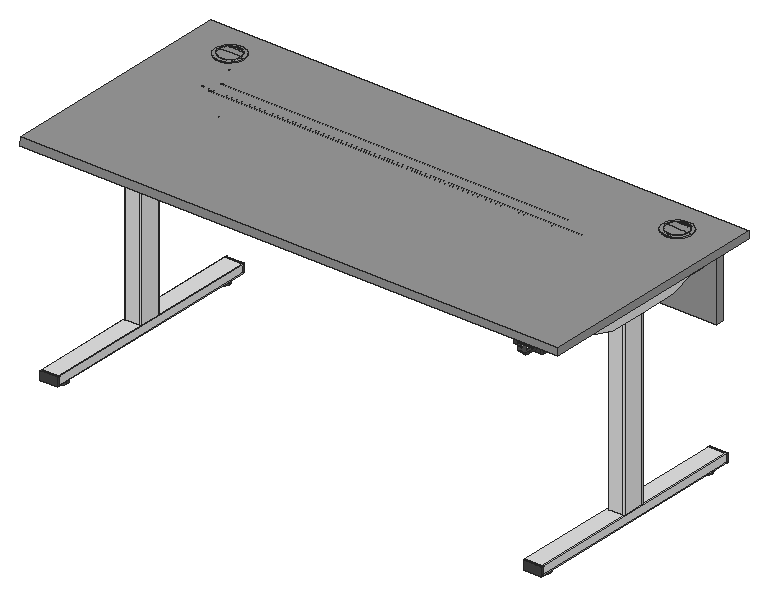
Revit family "Rise LT Rectangular Desk with Cable Ports", category Furniture, Revit 2016 (continued)
Definition of nested family "Cable Tray"
  Lines and regions (mm)
    sketch lines
      curve 168: arc (-400, 330.808, 613.5) -> (-400, 332.571, 614.073) -> (-400, 333.661, 615.573) r 3
      curve 176: line (-500, 330.808, 613.5) -> (-500, 247.192, 613.5)
      curve 177: arc (-500, 247.192, 613.5) -> (-500, 245.429, 614.073) -> (-500, 244.339, 615.573) r 3
      curve 178: line (-500, 244.339, 615.573) -> (-500, 236.24, 640.5)
      curve 179: line (-500, 333.661, 615.573) -> (-500, 341.76, 640.5)
      curve 180: arc (-500, 330.808, 613.5) -> (-500, 332.571, 614.073) -> (-500, 333.661, 615.573) r 3
      curve 188: line (-600, 330.808, 613.5) -> (-600, 247.192, 613.5)
      curve 189: arc (-600, 247.192, 613.5) -> (-600, 245.429, 614.073) -> (-600, 244.339, 615.573) r 3
      curve 190: line (-600, 244.339, 615.573) -> (-600, 236.24, 640.5)
      curve 191: line (-600, 333.661, 615.573) -> (-600, 341.76, 640.5)
      curve 192: arc (-600, 330.808, 613.5) -> (-600, 332.571, 614.073) -> (-600, 333.661, 615.573) r 3
      curve 200: line (-700, 330.808, 613.5) -> (-700, 247.192, 613.5)
      curve 201: arc (-700, 247.192, 613.5) -> (-700, 245.429, 614.073) -> (-700, 244.339, 615.573) r 3
      curve 202: line (-700, 244.339, 615.573) -> (-700, 236.24, 640.5)
      curve 203: line (-700, 333.661, 615.573) -> (-700, 341.76, 640.5)
      curve 204: arc (-700, 330.808, 613.5) -> (-700, 332.571, 614.073) -> (-700, 333.661, 615.573) r 3
      curve 212: line (-200, 330.808, 613.5) -> (-200, 247.192, 613.5)
      curve 213: arc (-200, 247.192, 613.5) -> (-200, 245.429, 614.073) -> (-200, 244.339, 615.573) r 3
      curve 214: line (-200, 244.339, 615.573) -> (-200, 236.24, 640.5)
      curve 215: line (-200, 333.661, 615.573) -> (-200, 341.76, 640.5)
      curve 216: arc (-200, 330.808, 613.5) -> (-200, 332.571, 614.073) -> (-200, 333.661, 615.573) r 3
    sketch lines, not visible
      curve 20: line (0, 318.719, 618.385) -> (0, 235.103, 618.385)
      curve 21: arc (0, 235.103, 618.385) -> (0, 233.34, 618.958) -> (0, 232.25, 620.458) r 3
      curve 22: line (0, 232.25, 620.458) -> (0, 224.151, 645.385)
      curve 23: line (0, 321.572, 620.458) -> (0, 329.671, 645.385)
      curve 24: arc (0, 318.719, 618.385) -> (0, 320.482, 618.958) -> (0, 321.572, 620.458) r 3
  Dimensions and locks
    equal spacing: plane 4, plane 3 "Center (Left/Right)", plane 5
    "Width": plane 4 to plane 5
    equal spacing: plane 7, plane 1 "Center (Front/Back)", plane 8
    locked: plane 7 to plane 8 at 800
    locked: plane 2 to plane 9 "Foot" at 15
    "HeightControl": plane 10 to level
    locked: plane 10 to plane 6 "Desktop Underside" at 25
    locked: plane 4 to plane 11 "Cable Tray Left" at 100
    locked: plane 12 "Cable Tray Right" to plane 5 at 100
    equal spacing: curve 3, curve 51, curve 123, curve 63, curve 75, curve 87, curve 99, curve 111, curve 27
    equal spacing: curve 39, curve 195, curve 183, curve 171, curve 159, curve 147, curve 207, curve 135, curve 3
    locked: plane 6 "Desktop Underside" to Extrusion 1 at 61.5
    locked: plane 7 to Extrusion 1 at 53.5
    locked: plane 6 "Desktop Underside" to Sweep 5 at 61.964
    locked: plane 6 "Desktop Underside" to Sweep 18 at 61.964
    locked: plane 6 "Desktop Underside" to Sweep 17 at 61.964
    locked: plane 6 "Desktop Underside" to Sweep 16 at 61.964
    locked: plane 6 "Desktop Underside" to Sweep 15 at 61.964
    locked: plane 6 "Desktop Underside" to Sweep 14 at 61.964
    locked: plane 6 "Desktop Underside" to Sweep 19 at 61.964
    locked: plane 6 "Desktop Underside" to Sweep 13 at 61.964
    locked: plane 6 "Desktop Underside" to Sweep 2 at 61.964
    locked: plane 6 "Desktop Underside" to Sweep 6 at 61.964
    locked: plane 6 "Desktop Underside" to Sweep 12 at 61.964
    locked: plane 6 "Desktop Underside" to Sweep 7 at 61.964
    locked: plane 6 "Desktop Underside" to Sweep 8 at 61.964
    locked: plane 6 "Desktop Underside" to Sweep 9 at 61.964
    locked: plane 6 "Desktop Underside" to Sweep 10 at 61.964
    locked: plane 6 "Desktop Underside" to Sweep 11 at 61.964
    locked: plane 6 "Desktop Underside" to Sweep 4 at 61.964
    locked: plane 7 to Extrusion 20 at 50.5
    locked: Extrusion 20 to plane 12 "Cable Tray Right" at 160
    locked: Extrusion 20 to Extrusion 20 at 25
    locked: Extrusion 21 to Extrusion 21 at 25
    locked: plane 11 "Cable Tray Left" to Extrusion 21 at 160
    aligned and locked: level to plane 2
    aligned and locked: Extrusion 1 to plane 12 "Cable Tray Right"
    aligned and locked: Extrusion 1 to plane 11 "Cable Tray Left"
    aligned and locked: plane 12 "Cable Tray Right" to curve 27
    aligned and locked: curve 39 to plane 11 "Cable Tray Left"
    aligned and locked: plane 6 "Desktop Underside" to Extrusion 20
  Automatic sketch dimensions
    Sweep 2 sketch curve to profile plane = 0 mm  (x2)
    Sweep 3 sketch curve to profile plane = 0 mm  (x2)
    Sweep 4 sketch curve to profile plane = 0 mm  (x2)
    Sweep 5 sketch curve to profile plane = 0 mm  (x2)
    Sweep 6 sketch curve to profile plane = 0 mm  (x2)
    Sweep 7 sketch curve to profile plane = 0 mm  (x2)
    Sweep 8 sketch curve to profile plane = 0 mm  (x2)
    Sweep 9 sketch curve to profile plane = 0 mm  (x2)
    Sweep 10 sketch curve to profile plane = 0 mm  (x2)
    Sweep 11 sketch curve to profile plane = 0 mm  (x2)
    Sweep 12 sketch curve to profile plane = 0 mm  (x2)
    Sweep 13 sketch curve to profile plane = 0 mm  (x2)
    Sweep 14 sketch curve to profile plane = 0 mm  (x2)
    Sweep 15 sketch curve to profile plane = 0 mm  (x2)
    Sweep 16 sketch curve to profile plane = 0 mm  (x2)
    Sweep 17 sketch curve to profile plane = 0 mm  (x2)
    Sweep 18 sketch curve to profile plane = 0 mm  (x2)
    Sweep 19 sketch curve to profile plane = 0 mm  (x2)
    Extrusion 1 sketch curve to plane 6 "Desktop Underside" = 61.5 mm  (x2)
    Extrusion 1 sketch curve to plane 7 = 167 mm
    Extrusion 1 sketch curve to Extrusion 1 sketch curve = 31 mm  (x2)
    Extrusion 1 sketch curve to Extrusion 1 sketch curve = 50 mm
    Extrusion 1 sketch curve to Extrusion 1 sketch curve = 30 mm  (x2)
    Extrusion 20 sketch curve to Extrusion 20 sketch curve = 0 mm  (x11)
    Extrusion 20 sketch curve to plane 6 "Desktop Underside" = 0 mm
    Extrusion 20 sketch curve to plane 6 "Desktop Underside" = 31.5 mm
    Extrusion 20 sketch curve to plane 7 = 171.565 mm
    Extrusion 20 sketch curve to Extrusion 20 sketch curve = 0.065 mm  (x2)
    Extrusion 20 sketch curve to Extrusion 20 sketch curve = 3 mm  (x4)
    Extrusion 20 sketch curve to Extrusion 20 sketch curve = 1.5 mm  (x4)
    Extrusion 20 sketch curve to Extrusion 20 sketch curve = 2.634 mm
    Extrusion 20 sketch curve to Extrusion 20 sketch curve = 0.049 mm  (x2)
    Extrusion 20 sketch curve to Extrusion 20 sketch curve = 39.801 mm
    Extrusion 20 sketch curve to Extrusion 20 sketch curve = 6 mm  (x2)
    Extrusion 20 sketch curve to Extrusion 20 sketch curve = 54.484 mm
    Extrusion 20 sketch curve to plane 6 "Desktop Underside" = 5 mm  (x2)
    Extrusion 20 sketch curve to Extrusion 20 sketch curve = 12 mm
    Extrusion 20 sketch curve to Extrusion 20 sketch curve = 36.451 mm
    Extrusion 20 sketch curve to Extrusion 20 sketch curve = 0.35 mm
    Extrusion 20 sketch curve to Extrusion 20 sketch curve = 0.016 mm
    Extrusion 20 sketch curve to plane 6 "Desktop Underside" = 56.074 mm
    Extrusion 20 sketch curve to Extrusion 20 sketch curve = 20.781 mm
    Extrusion 20 sketch curve to Extrusion 20 sketch curve = 5 mm  (x3)
    Extrusion 20 sketch curve to Extrusion 20 sketch curve = 5.426 mm
    Extrusion 20 sketch curve to Extrusion 20 sketch curve = 81.082 mm
    Extrusion 20 sketch curve to Extrusion 20 sketch curve = 3.312 mm
    Extrusion 20 sketch curve to Extrusion 20 sketch curve = 20.355 mm
    Extrusion 20 sketch curve to Extrusion 20 sketch curve = 2 mm  (x2)
    Extrusion 20 sketch curve to Extrusion 20 sketch curve = 0.293 mm  (x2)
    Extrusion 20 sketch curve to Extrusion 20 sketch curve = 3.101 mm
    Extrusion 20 sketch curve to plane 6 "Desktop Underside" = 8.101 mm
    Extrusion 20 sketch curve to Extrusion 20 sketch curve = 0.033 mm
    Extrusion 20 sketch curve to Extrusion 20 sketch curve = 1.263 mm
    Extrusion 21 sketch curve to Extrusion 21 sketch curve = 0 mm  (x11)
    Extrusion 21 sketch curve to plane 6 "Desktop Underside" = 0 mm
    Extrusion 21 sketch curve to plane 6 "Desktop Underside" = 31.5 mm
    Extrusion 21 sketch curve to plane 7 = 171.565 mm
    Extrusion 21 sketch curve to Extrusion 21 sketch curve = 0.065 mm  (x2)
    Extrusion 21 sketch curve to Extrusion 21 sketch curve = 3 mm  (x4)
    Extrusion 21 sketch curve to Extrusion 21 sketch curve = 1.5 mm  (x4)
    Extrusion 21 sketch curve to Extrusion 21 sketch curve = 2.634 mm
    Extrusion 21 sketch curve to Extrusion 21 sketch curve = 0.049 mm  (x2)
    Extrusion 21 sketch curve to Extrusion 21 sketch curve = 39.801 mm
    Extrusion 21 sketch curve to Extrusion 21 sketch curve = 6 mm  (x2)
    Extrusion 21 sketch curve to Extrusion 21 sketch curve = 54.484 mm
    Extrusion 21 sketch curve to plane 6 "Desktop Underside" = 5 mm  (x2)
    Extrusion 21 sketch curve to Extrusion 21 sketch curve = 12 mm
    Extrusion 21 sketch curve to Extrusion 21 sketch curve = 36.451 mm
    Extrusion 21 sketch curve to Extrusion 21 sketch curve = 0.35 mm
    Extrusion 21 sketch curve to Extrusion 21 sketch curve = 0.016 mm
    Extrusion 21 sketch curve to Extrusion 21 sketch curve = 3.101 mm  (x2)
    Extrusion 21 sketch curve to plane 6 "Desktop Underside" = 24.207 mm
    Extrusion 21 sketch curve to Extrusion 21 sketch curve = 7.293 mm
    Extrusion 21 sketch curve to Extrusion 21 sketch curve = 0.293 mm  (x2)
    Extrusion 21 sketch curve to Extrusion 21 sketch curve = 5 mm  (x3)
    Extrusion 21 sketch curve to Extrusion 21 sketch curve = 2 mm
    Extrusion 21 sketch curve to Extrusion 21 sketch curve = 20.355 mm
    Extrusion 21 sketch curve to Extrusion 21 sketch curve = 20.781 mm
    Extrusion 21 sketch curve to Extrusion 21 sketch curve = 5.426 mm
    Extrusion 21 sketch curve to Extrusion 21 sketch curve = 81.082 mm
    Extrusion 21 sketch curve to Extrusion 21 sketch curve = 3.312 mm
    Extrusion 21 sketch curve to Extrusion 21 sketch curve = 0.033 mm
    Extrusion 21 sketch curve to Extrusion 21 sketch curve = 1.263 mm
    radius of Sweep 2 sketch curve = 1.5 mm
    radius of Sweep 3 sketch curve = 1.5 mm
    radius of Sweep 4 sketch curve = 1.5 mm
    radius of Sweep 5 sketch curve = 1.5 mm
    radius of Sweep 6 sketch curve = 1.5 mm
    radius of Sweep 7 sketch curve = 1.5 mm
    radius of Sweep 8 sketch curve = 1.5 mm
    radius of Sweep 9 sketch curve = 1.5 mm
    radius of Sweep 10 sketch curve = 1.5 mm
    radius of Sweep 11 sketch curve = 1.5 mm
    radius of Sweep 12 sketch curve = 1.5 mm
    radius of Sweep 13 sketch curve = 1.5 mm
    radius of Sweep 14 sketch curve = 1.5 mm
    radius of Sweep 15 sketch curve = 1.5 mm
    radius of Sweep 16 sketch curve = 1.5 mm
    radius of Sweep 17 sketch curve = 1.5 mm
    radius of Sweep 18 sketch curve = 1.5 mm
    radius of Sweep 19 sketch curve = 1.5 mm
    radius of Extrusion 1 sketch curve = 1.5 mm  (x4)
Types (17, lengths in mm): name | Width | Product Code | Modesty Panel Visible | Modesty Panel | Cable Tray Visible | Cable Tray
  (no name) | 1800 | "HDLS18P" | yes | "BTCPW18" | yes | "MECT18"
  1600 x 800 | 1600 | "HDLS16P" | no | "" | no | ""
  1800 x 800 | 1800 | "HDLS18P" | no | "" | no | ""
  1200 x 800 | 1200 | "HDLS12P" | no | "" | no | ""
  1400 x 800 | 1400 | "HDLS14P" | no | "" | no | ""
  1800 x 800 with Modesty Panel & Cable Tray | 1800 | "HDLS18P" | yes | "BTCPW18" | yes | "MECT18"
  1800 x 800 with Modesty Panel | 1800 | "HDLS18P" | yes | "BTCPW18" | no | ""
  1800 x 800 with Cable Tray | 1800 | "HDLS18P" | no | "" | yes | "MECT18"
  1600 x 800 with Cable Tray | 1600 | "HDLS16P" | no | "" | yes | "MECT16"
  1600 x 800 with Modesty Panel | 1600 | "HDLS16P" | yes | "BTCPW16" | no | ""
  1600 x 800 with Modesty Panel & Cable Tray | 1600 | "HDLS16P" | yes | "BTCPW16" | yes | "MECT16"
  1400 x 800 with Modesty Panel & Cable Tray | 1400 | "HDLS14P" | yes | "BTCPW14" | yes | "MECT14"
  1400 x 800 with Modesty Panel | 1400 | "HDLS14P" | yes | "BTCPW14" | no | ""
  1400 x 800 with Cable Tray | 1400 | "HDLS14P" | no | "" | yes | "MECT14"
  1200 x 800 with Modesty Panel & Cable Tray | 1200 | "HDLS12P" | yes | "BTCPW12" | yes | "MECT12"
  1200 x 800 with Modesty Panel | 1200 | "HDLS12P" | yes | "BTCPW12" | no | ""
  1200 x 800 with Cable Tray | 1200 | "HDLS12P" | no | "" | yes | "MECT12"
